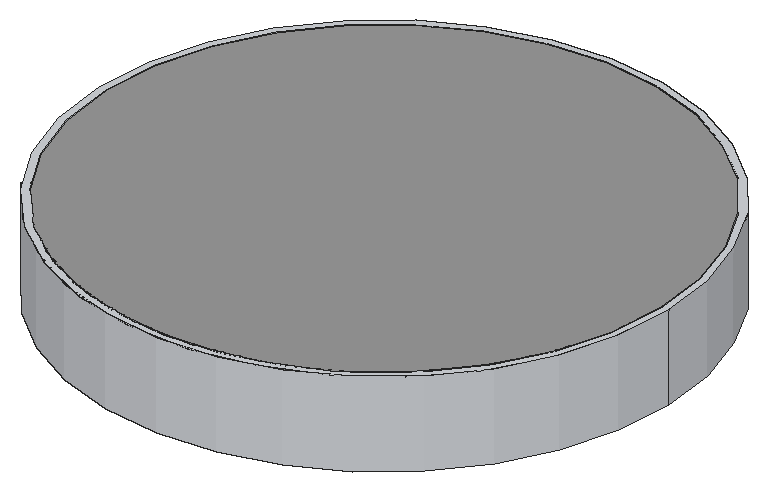
Revit family "2071105", category Lighting Fixtures, host Face, Revit 2018
Family settings
  Host = Face
  Round Connector Dimension = Use Diameter
  Part Type = Normal
  OmniClass Number = 23.80.70.00
  OmniClass Title = Lighting
  Cut with Voids When Loaded = No
  Light Source = Yes
  Shared = No
  Room Calculation Point = No
Parameters (values of type "2071105 COLOSSAL 400 830 OP DIR WHT SSC")
  iner diameter = 390 mm
  Weight = "n/a"
  Wattage Comments = ""
  Wattage = 30 W
  WarrantyStartDate [instance] = "n/a"
  WarrantyGuarantorParts = "n/a"
  WarrantyDurationUnit = "n/a"
  WarrantyDurationParts = ""
  WarrantyDescription = "http://www.sylvania-lighting.com"
  built-in parameter 1150110 = 1 (stored number, unit not read)
  Voltage = 230 V
  URL = "0.95"
  TypeName = "COLOSSAL 400mm 830 OPAL DIR WHITE SSC"
  Type Image = <None>
  Type Comments = "n/a"
  built-in parameter 1114217 = 1 (stored number, unit not read)
  Tilt Angle = -90.00°
  built-in parameter 1150109 = 1 (stored number, unit not read)
  built-in parameter 1150134 = (empty or 0)
  built-in parameter 1150113 = 1 (stored number, unit not read)
  SerialNumber [instance] = "n/a"
  Photometric Web File = "2071105.ies"
  Material_3_SYL = LED-Sylvania
  PowerFactor = 0
  PowerConsumption = "Lighting"
  NominalLength = 400 mm
  NominalHeight = 93 mm
  NominalDepth = 400 mm
  Name = "COLOSSAL 400mm 830 OPAL DIR WHITE SSC"
  ModelReference = Name  # "COLOSSAL 400mm 830 OPAL DIR WHITE SSC"
  ModelNumber = "2071105"
  Model = Name  # "COLOSSAL 400mm 830 OPAL DIR WHITE SSC"
  Material = "Feilo Sylvania"
  ManufacturerName = "120 lm/W"
  Manufacturer = ""
  LuminousEfficacy = ""
  built-in parameter 1150105 = 270.44 (stored number, unit not read)
  Lumens = 3398.4 lm
  LuminaireType = "0"
  built-in parameter 1150115 = 1 (stored number, unit not read)
  LightOutputRatio = "LED"
  built-in parameter 1150137 = (empty or 0)
  built-in parameter 1150139 = (empty or 0)
  LampsType = Lamp  # "n/a"
  LampNominalLuminous = "3000 K"
  LampMacAdamStep = "80"
  LampColourTemperature = "LED"
  LampColourRenderingIndex = "16500"
  built-in parameter 1150112 = 1 (stored number, unit not read)
  built-in parameter 1150114 = 1 (stored number, unit not read)
  Lamp = "n/a"
  Keynote = "n/a"
  InstallationDate [instance] = "n/a"
  InputVoltage = "0"
  InputNominalFrequency = "3000"
  built-in parameter 1150132 = (empty or 0)
  built-in parameter 1150102 = (empty or 0)
  built-in parameter 1150107 = 3000 (stored number, unit not read)
  built-in parameter 1150138 = (empty or 0)
  IngressProtection = "IfcLightFixtureType"
  ImpactProtectionIndex = "IfcLightFixtureType"
  built-in parameter 1150106 = 2.7044 (stored number, unit not read)
  IfcExportType = "IfcLightFixtureType"
  IfcExportAs = "Class I"
  Emit from Circle Diameter = 385 mm
  Emit Shape Visible in Rendering = no
  ElectricShockClassification = "120"
  built-in parameter 1150104 = 10.524 (stored number, unit not read)
  DocumentationLiterature = "http://www.sylvania-lighting.com/product/en-int/products/2071105"
  DimmingControlOptions = "n/a"
  Material_2_SYL = Polycarbonate_Sylvania_White
  Dimming Lamp Color Temperature Shift = <None>
  Description = "400mm diameter circular architectural luminaire, can be surface mounted or suspended. Powder coated aluminium housing (RAL9016) with polycarbonate opal diffuser. Direct light distribution, 2460lm luminuous flux, 20.5W system power, 120lm/W luminiaire efficacy. Sylsmart Standalone enabled. Colour rendering index Ra >80, 3000K Warm White LED, chromaticity tolerance of 3-step MacAdam ellipse. IP40, IK03. 450mA drive current. Electrical protection Class1, 220-240V. Reported lifetime 66k hours L90B10."
  Default Elevation = 1219.2 mm
  CreatedOn = "22/03/2022"
  CreatedBy = "@sylvania-lighting.com"
  Cost = 0
  Color Filter = 16777215
  built-in parameter 1114216 [instance] = (empty or 0)
  ClassificationValue = "EF_70_80"
  ClassificationName = "Uniclass2015"
  Material_1_SYL = Polycarbonate_Sylvania_Opal
  BarCode [instance] = "n/a"
  built-in parameter 1114218 = 1 (stored number, unit not read)
  built-in parameter 1150133 = 10 (stored number, unit not read)
  AssetType = "Fixed"
  AssetIdentifier [instance] = "n/a"
  Assembly Code = "D5020200"
  Apparent Load = 20.5 VA
  Material_4_SYL = none
Reference planes
  plane 1 "Center (Front/Back)": y = 0
  plane 2: z = 0
  plane 3 "Center (Left/Right)": x = 0
  plane 4: x = -200
  plane 5: x = 200
  plane 6: y = 200
  plane 7: y = -200
  plane 8: y = 236
  plane 9: y = -236
  plane 10: z = 93
  plane 11: y = 195
  plane 12: y = -195
  plane 13: y = 90.5
  plane 14: y = 144.5
  plane 15: through (52.25, 90.5, 1219.2) normal (0.866, 0.5, 0)
  plane 16: through (52.25, 90.5, 1219.2) normal (0.866, 0.5, 0)
  plane 17: through (63.706, 126.657, 1219.2) normal (0.866, 0.5, 0)
  plane 18: through (-104.5, 0, 1219.2) normal (-0.866, 0.5, 0)
  plane 19: through (-142.394, -9.633, 1219.2) normal (-0.866, 0.5, 0)
  plane 20: y = -90.5
  plane 21: y = -118.5
  plane 22: through (85.371, -141.133, 1219.2) normal (-0.866, 0.5, 0)
  plane 23: through (52.25, -90.5, 1219.2) normal (-0.866, 0.5, 0)
  plane 24: through (-161.658, 0, 1219.2) normal (0.866, 0.5, 0)
  plane 25: through (-172.12, 9.121, 1219.2) normal (0.866, 0.5, 0)
  plane 26: through (-104.5, 0, 1219.2) normal (0.866, 0.5, 0)
Forms (mm)
  Extrusion 1, solid, detail levels medium+fine
    sketch origin (0, 0, 0) x (1, 0, 0) y (0, 1, 0)
      loop
        circle (0, 0) r 200
    from 33.023 to 93
  Extrusion 2, void
    sketch origin (0, 0, 0) x (1, 0, 0) y (0, 1, 0)
      loop
        circle (0, 0) r 195
    from 93 to 37.292
  Extrusion 3, solid, material "Glass, White, High Luminance", detail levels fine
    sketch origin (0, 0, 0) x (1, 0, 0) y (0, 1, 0)
      loop
        circle (0, 0) r 195
    from 88.026 to 93
  Extrusion 4, solid, detail levels coarse
    sketch origin (0, 0, 0) x (1, 0, 0) y (0, 1, 0)
      loop
        line (-200, 200) -> (-200, -200) -> (200, -200) -> (200, 200) -> (-200, 200)
    from 0 to 93
  Blend 5, solid, detail levels medium+fine
    base sketch origin (0, 0, 0) x (1, 0, 0) y (0, 1, 0)
      loop
        line (-52.25, 90.5) -> (-104.5, 0) -> (-52.25, -90.5) -> (52.25, -90.5) -> (104.5, 0) -> (52.25, 90.5) -> (-52.25, 90.5)
    top sketch origin (0, 0, 0) x (1, 0, 0) y (0, 1, 0)
      loop
        line (-53.405, 144.5) -> (-149.245, -21.5) -> (-93.242, -118.5) -> (98.438, -118.5) -> (151.843, -26) -> (53.405, 144.5) -> (-53.405, 144.5)
    from 0 to 33.023
Cuts and joins
  Extrusion 2 cuts Extrusion 1
Dimensions and locks
  "NominalDepth": plane 6 to plane 7
  "NominalLength": plane 4 to plane 5
  equal spacing: plane 4, plane 3 "Center (Left/Right)", plane 5
  "iner diameter": plane 11 to plane 12
  equal spacing: plane 11, plane 1 "Center (Front/Back)", plane 12
  equal spacing: plane 6, plane 1 "Center (Front/Back)", plane 7
  "NominalHeight": plane 10 to level
  plane 19 to plane 18 = 28 mm
  radius of Extrusion 2 sketch curve = 195 mm
  aligned and locked: plane 2 to host face
  aligned and locked: level to host face
Automatic sketch dimensions
  host sketch curve to host sketch curve = 2438.4 mm  (x2)
  plane 1 "Center (Front/Back)" to Extrusion 1 sketch curve = 0 mm
  Extrusion 1 sketch curve to plane 3 "Center (Left/Right)" = 0 mm
  plane 1 "Center (Front/Back)" to Extrusion 2 sketch curve = 0 mm
  Extrusion 2 sketch curve to plane 3 "Center (Left/Right)" = 0 mm
  plane 1 "Center (Front/Back)" to Extrusion 3 sketch curve = 0 mm
  Extrusion 3 sketch curve to plane 3 "Center (Left/Right)" = 0 mm
  Extrusion 4 sketch curve to plane 4 = 0 mm
  Extrusion 4 sketch curve to plane 5 = 0 mm
  Extrusion 4 sketch curve to plane 7 = 0 mm
  Extrusion 4 sketch curve to plane 6 = 0 mm
  Blend 5 sketch curve to plane 19 = 0 mm  (x2)
  Blend 5 sketch curve to plane 24 = 0 mm  (x2)
  Blend 5 sketch curve to plane 21 = 0 mm
  Blend 5 sketch curve to plane 14 = 0 mm
  Blend 5 sketch curve to plane 17 = 0 mm  (x2)
  Blend 5 sketch curve to plane 22 = 0 mm  (x2)
  radius of Extrusion 1 sketch curve = 200 mm
  radius of Extrusion 3 sketch curve = 195 mm
Connectors
  electrical at (0, 0, 0), driven by "Apparent Load", driven by "PowerFactor", driven by "Voltage"
    settings: index 1, voltage 230 V, apparent load 20.5 VA, apparent load phase1 0 VA, apparent load phase2 0 VA, apparent load phase3 0 VA, power factor 0, load classification "Lighting", number of poles 1, system type 30, power factor state 1, is connector primary yes, connector utility no, sub classification motor no, connector description ""
